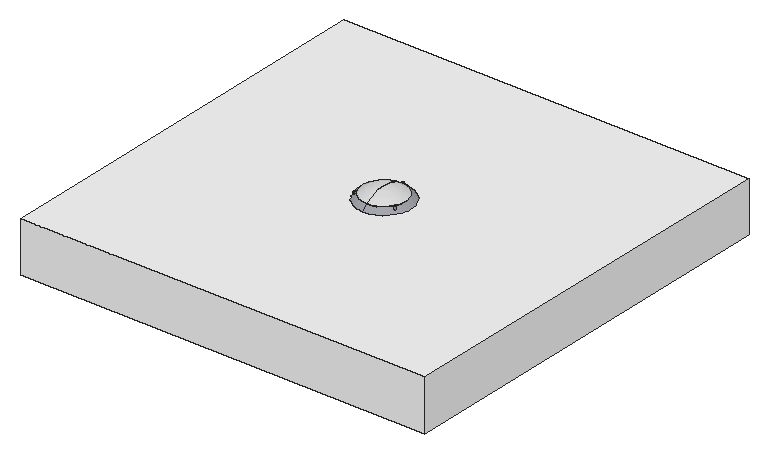
Revit family "Sarlam_Eclairage_Hublot_Chartres_Infini_T1_Anti_Vandale_Diam_322mm_2000Lm", category Luminaires, Revit 2020
Family settings
  Hôte = Face
  Cote de connecteur circulaire = Utiliser le diamètre
  Type d'élément = Normal
  Couper avec des vides une fois chargée = Non
  Source d'éclairage = Oui
  Partagée = Non
  Point de calcul de pièce = Non
Parameters (values of type "Détection+Horloge GRIS METAL")
  Zone plafond formes 1à7 [instance] = and(not(Diamètre externe = 328 mm), or([Antivandale Formes 2-4-7]), not([Afficher la zone de détection-pose murale]), [Afficher la zone de détection-pose plafond])  # no
  Zone murale formes 1à7 [instance] = and(not(Diamètre externe = 328 mm), or([Antivandale Formes 2-4-7]), [Afficher la zone de détection-pose murale], not([Afficher la zone de détection-pose plafond]))  # no
  Zone de détection = "Détection à 2,5m haut Plafond: Ø6m maxi Mur: Ellipse 16*17m"
  URL = "http://www.legrandoc.com/SL532081"
  Type de variation = "Autre"
  Type de tension = "CA"
  Tension nominale (Un) V MIN = 207
  Tension nominale (Un) V MAX = 253
  built-in parameter 1150107 = 3200 (stored number, unit not read)
  Température de couleur K MIN = 4000
  Température de couleur K MAX = 4000
  Source lumineuse = "Led non interchangeable"
  Répartition lumineuse = "Symétrique"
  Puissance du système W = 28
  Puissance de la source lumineuse W = ""
  Puissance de la lampe en Multiwatt = "21/39W"
  Wattage = 9.2903 W
  built-in parameter 1150110 = 1 (stored number, unit not read)
  built-in parameter 1150109 = 1 (stored number, unit not read)
  built-in parameter 1114218 = 1 (stored number, unit not read)
  built-in parameter 1150113 = 1 (stored number, unit not read)
  built-in parameter 1150112 = 1 (stored number, unit not read)
  built-in parameter 1150137 = (empty or 0)
  built-in parameter 1150132 = (empty or 0)
  Modèle = "SL-532081"
  Longueur d'encastrement = 0 mm
  Longueur = 322 mm
  Largeur d'encastrement = 322 mm
  Largeur = 322 mm
  built-in parameter 1150105 = 109.82 (stored number, unit not read)
  built-in parameter 1150102 = (empty or 0)
  Hauteur/profondeur d'encastrement = 0 mm
  Hauteur/profondeur = 70 mm
  Dimming Lamp Color Temperature Shift = (empty or 0)
  Lumens = 1380 lm
  Color Filter = 16777215
  Fichier de distribution photométrique = "SL532018.ies"
  built-in parameter 1114217 = 1 (stored number, unit not read)
  built-in parameter 1150139 = (empty or 0)
  Fabricant = "LEGRAND"
  Emettre à partir du diamètre du cercle = 250 mm
  Emettre la visibilité des formes dans le rendu = no
  built-in parameter 1150104 = 13.8 (stored number, unit not read)
  built-in parameter 1150106 = 1.0982 (stored number, unit not read)
  built-in parameter 1150115 = 1 (stored number, unit not read)
  built-in parameter 1150114 = 1 (stored number, unit not read)
  Diamètre externe = 322 mm
  Diamètre d'encastrement = 0 mm
  Description = "CHARTRES INFINI 2000LM 4000K  AV DETECTION HF + HORLOGE GRIS METAL"
  built-in parameter 1150138 = (empty or 0)
  built-in parameter 1150134 = 3
  Condition Générale d'Utilisation = "https://export.legrand.com/CGU-objets-BIM"
  Angle de l'inclinaison = 0.00°
  Afficher la zone de détection-pose plafond [instance] = no
  Afficher la zone de détection-pose murale [instance] = no
  Matériau du boîtier/corps = Plastique
  Indice de rendu des couleurs CRI = "80-89"
  Indice de protection contre les chocs (IK) = "IK10"
  Indice de protection (IP) = "IP55"
  Flux lumineux utile lm = 2000
  Default Elevation = 2500 mm
  Douille = "Sans"
  Courant nominal mA MIN = 110
  Courant nominal mA MAX = 135
  Couleur du boîtier/corps = LEGRAND - Gris métal
  Classe de protection = "II"
  Avec détecteur de mouvement = yes
  Avec détecteur crépusculaire = yes
  Appareillage = "Appareil à LED commandé en courant"
  Antivandale Formes 2-4-7 = yes
  Angle du faisceau = "Faisceau libre"
  Afficher l'étiquette de zone [instance] = no
  Adapté à une suspension = no
  Adapté à un montage encastré = no
  Adapté à un montage en saillie = yes
  Adapté à un montage en applique = yes
  Adapté à un montage au plafond = yes
  built-in parameter 1150133 = 10 (stored number, unit not read)
Types (14, lengths in mm): name | Zone de détection | URL | Type de variation | Puissance du système W | Modèle | Description | Indice de protection contre les chocs (IK) | Indice de protection (IP) | Courant nominal mA MIN | Courant nominal mA MAX | Couleur du boîtier/corps | Avec détecteur de mouvement | Avec détecteur crépusculaire
  ON/OFF BLANC | "" | "http://www.legrandoc.com/SL532024" | "Non régulable" | 27 | "SL-532024" | "CHARTRES INFINI 2000LM 4000K AV ON/OFF BLANC" | "IK10" | "IP55" | 106 | 131 | LEGRAND - Blanc | no | no
  ON/OFF ANTHRACITE | "" | "http://www.legrandoc.com/SL532025" | "Non régulable" | 27 | "SL-532025" | "CHARTRES INFINI 2000LM 4000K AV ON/OFF ANTHRACITE" | "IK10" | "IP55" | 106 | 131 | LEGRAND - Anthracite | no | no
  ON/OFF GRIS METAL | "" | "http://www.legrandoc.com/SL532026" | "Non régulable" | 27 | "SL-532026" | "CHARTRES INFINI 2000LM 4000K AV ON/OFF GRIS METAL" | "IK10" | "IP55" | 106 | 131 | LEGRAND - Gris métal | no | no
  Détection BLANC | "Détection à 2,5m haut Plafond: Ø6m maxi Mur: Ellipse 16*17m" | "http://www.legrandoc.com/SL532064" | "Autre" | 28 | "SL-532064" | "CHARTRES INFINI 2000LM 4000K  AV DETECTION HF BLANC" | "IK10" | "IP55" | 110 | 135 | LEGRAND - Blanc | yes | yes
  Détection ANTHRACITE | "Détection à 2,5m haut Plafond: Ø6m maxi Mur: Ellipse 16*17m" | "http://www.legrandoc.com/SL532065" | "Autre" | 28 | "SL-532065" | "CHARTRES INFINI 2000LM 4000K  AV DETECTION HF ANTHRACITE" | "IK10" | "IP55" | 110 | 135 | LEGRAND - Anthracite | yes | yes
  Détection GRIS METAL | "Détection à 2,5m haut Plafond: Ø6m maxi Mur: Ellipse 16*17m" | "http://www.legrandoc.com/SL532066" | "Autre" | 28 | "SL-532066" | "CHARTRES INFINI 2000LM 4000K  AV DETECTION HF GRIS METAL" | "IK10" | "IP55" | 110 | 135 | LEGRAND - Gris métal | yes | yes
  Détection+Horloge BLANC | "Détection à 2,5m haut Plafond: Ø6m maxi Mur: Ellipse 16*17m" | "http://www.legrandoc.com/SL532079" | "Autre" | 28 | "SL-532079" | "CHARTRES INFINI 2000LM 4000K  AV DETECTION HF + HORLOGE BLANC" | "IK10" | "IP55" | 110 | 135 | LEGRAND - Blanc | yes | yes
  Détection+Horloge ANTHRACITE | "Détection à 2,5m haut Plafond: Ø6m maxi Mur: Ellipse 16*17m" | "http://www.legrandoc.com/SL532080" | "Autre" | 28 | "SL-532080" | "CHARTRES INFINI 2000LM 4000K  AV DETECTION HF + HORLOGE ANTHRACITE" | "IK10" | "IP55" | 110 | 135 | LEGRAND - Anthracite | yes | yes
  Détection+Horloge GRIS METAL | "Détection à 2,5m haut Plafond: Ø6m maxi Mur: Ellipse 16*17m" | "http://www.legrandoc.com/SL532081" | "Autre" | 28 | "SL-532081" | "CHARTRES INFINI 2000LM 4000K  AV DETECTION HF + HORLOGE GRIS METAL" | "IK10" | "IP55" | 110 | 135 | LEGRAND - Gris métal | yes | yes
  Double niveau/Minuterie BLANC | "" | "http://www.legrandoc.com/SL532090" | "Autre" | 28 | "SL-532090" | "CHARTRES INFINI 2000LM 4000K AV DOUBLE NIVEAU/MINUTERIE BLANC" | "IK10" | "IP55" | 110 | 135 | LEGRAND - Blanc | no | no
  Double niveau/Minuterie ANTHRACITE | "" | "http://www.legrandoc.com/SL532091" | "Autre" | 28 | "SL-532091" | "CHARTRES INFINI 2000LM 4000K  AV DOUBLE NIVEAU/MINUTERIE ANTHRACITE" | "IK10" | "IP55" | 110 | 135 | LEGRAND - Anthracite | no | no
  Double niveau/Minuterie GRIS METAL | "" | "http://www.legrandoc.com/SL532092" | "Autre" | 28 | "SL-532092" | "CHARTRES INFINI 2000LM 4000K  AV DOUBLE NIVEAU/MINUTERIE GRIS METAL" | "IK10" | "IP55" | 110 | 135 | LEGRAND - Gris métal | no | no
  Renforcé-ON/OFF | "" | "http://www.legrandoc.com/SL532096" | "Non régulable" | 27 | "SL-532096" | "CHARTRES INFINI 2000LM 4000K SOLIROC ON/OFF BLANC" | ">IK10" | "IP66" | 110 | 135 | LEGRAND - Blanc | no | no
  Renforcé-Détection | "Détection à 2,5m haut Plafond: Ø6m maxi Mur: Ellipse 16*17m" | "http://www.legrandoc.com/SL532097" | "Autre" | 28 | "SL-532097" | "CHARTRES INFINI 2000LM 4000K  SOLIROC DETECTION HF BLANC" | ">IK10" | "IP66" | 110 | 135 | LEGRAND - Blanc | yes | yes
Reference planes
  plane 1 "Centre (avant/arrière)": y = 0
  plane 2: z = 0
  plane 3 "Centre (gauche/droite)": x = 0
  plane 4: z = 90
Forms (mm)
  Extrusion 1, solid, material "Blanc"
    sketch origin (0, 0, 0) x (1, 0, 0) y (0, 1, 0)
      loop
        line (-1219.2, 1219.2) -> (-1219.2, -1219.2) -> (1219.2, -1219.2) -> (1219.2, 1219.2) -> (-1219.2, 1219.2)
    from 0 to -304.8
Lines and regions (mm)
  model lines, style "LightingFixtures", not visible
    curve 1: line (0, 0, 0) -> (0, 0, 2230)
    curve 2: line (0, 0, 0) -> (0, 3300, 0)
    curve 3: line (0, 0, 0) -> (-2620, 0, 0)
Dimensions and locks
  level to plane 4 = 90 mm
  aligned and locked: plane 2 to Extrusion 1
  aligned and locked: level to Extrusion 1
  aligned and locked: imposter light to plane 4
  aligned and locked: plane 3 "Centre (gauche/droite)" to imposter light
Nested families
  nested 1: "Zone de détection murale Chartres-Astreo" at (0, 0, 0) x (0, 0, 1) z (0, -1, 0), visible <- "Afficher la zone de détection-pose murale", type "Zone de détection murale"
  nested 2: "Formes 1-2-3-4-6-7-8-9" at (0, 0, 0), type "Formes"
    with Fl 70 mm, Dimension hublot 129.3 mm, Diamètre total 322 mm, Courbure 220.2 mm, Antivandale Formes 2-4-7 yes
  nested 3: "Zone de détection plafond Chartres-Astreo" at (0, 0, 2500), visible <- "Afficher la zone de détection-pose plafond", type "Zone de détection plafond"
    with Zone plafond Formes 8à9 no
  nested 4: "Zone de détection murale Chartres-Astreo" at (0, 0, 0) x (0, 0, 1) z (1, 0, 0), visible <- "Afficher la zone de détection-pose murale", type "Zone de détection murale"
  nested 5: "Etiquette de zone" at (0, 220.945, 0) x (-1, 0, 0) z (0, 0, 1), visible <- "Afficher l'étiquette de zone", type "Etiquette de zone"
Connectors
  electrical at (0, 0, 0)
    settings: on nested 2, index 1, voltage 230 V, apparent load 0 VA, apparent load phase1 0 VA, apparent load phase2 0 VA, apparent load phase3 0 VA, power factor 1, load classification "Eclairage", number of poles 1, system type 30, power factor state 1, is connector primary yes, connector utility no, sub classification motor no, connector description ""
Definition of nested family "Formes 1-2-3-4-6-7-8-9"
  Parameters (values of type "Formes")
    Standard Forme 8 = no
    Standard Formes 1-3-6 = no
    Matériau hublot = none
    Matériau corps = none
    Fl = if(Diamètre total < 325 mm, 70 mm, if(Diamètre total = 328 mm, 107 mm, 90 mm))  # 107 mm
    Default Elevation = 0 mm
    Dimension hublot = if(Diamètre total = 300 mm, 121.1 mm, if(Diamètre total = 322 mm, 129.3 mm, if(Diamètre total = 328 mm, 148.6 mm, if(Diamètre total = 420 mm, 179.2 mm, 185.3 mm))))  # 148.6 mm
    Diamètre total = 328 mm
    Courbure = if(Diamètre total = 300 mm, 195.7 mm, if(Diamètre total = 322 mm, 220.2 mm, if(Diamètre total = 328 mm, 179.2 mm, if(Diamètre total = 420 mm, 290 mm, 307.8 mm))))  # 179.2 mm
    Couleur corps = none
    Antivandale Forme 9 = no
    Antivandale Formes 2-4-7 = no
  Reference planes
    plane 1 "Centre (avant/arrière)": y = 0
    plane 2: z = 0
    plane 3 "Centre (gauche/droite)": x = 0
    plane 4: y = 164
    plane 5: y = -164
    plane 6: y = 148.6
  Forms (mm)
    Revolve 1, solid, material <- "Matériau hublot"
      sketch origin (0, 0, 0) x (0, 0, -1) y (0, 1, 0)
        loop
          arc (-28, 148.6) -> (-86.03, 84.151) -> (-107, 0) r 179.2
          line (-107, 0) -> (-28, 0) -> (-28, 148.6)
        axis (-28, 0) -> (-107, 0)
      angle from 0 to 360
  Dimensions and locks
    equal spacing: plane 4, plane 1 "Centre (avant/arrière)", plane 5
    "Diamètre total": plane 4 to plane 5
    equal spacing: plane 5, plane 1 "Centre (avant/arrière)", plane 4
    "Dimension hublot": plane 1 "Centre (avant/arrière)" to plane 6
    "Fl": Revolve 1 sketch curve to plane 2
    "Courbure": radius of Revolve 1 sketch curve
    aligned and locked: level to plane 2
    aligned and locked: plane 6 to Revolve 1 sketch curve
    aligned and locked: plane 2 to nested 2
  Automatic sketch dimensions
    Revolve 1 sketch curve to plane 1 "Centre (avant/arrière)" = 0 mm  (x2)
    level to Revolve 1 sketch curve = 28 mm
    Revolve 1 sketch curve to Revolve 1 sketch curve = 1811.469 mm
    Revolve 1 sketch curve to Revolve 1 sketch curve = 1147.22 mm
  Nested families
    nested 1: "Corps standard Formes 1-3-6" at (0, 0, 0), visible <- "Standard Formes 1-3-6", type "Corps standard Formes 1-3-6"
      with Diamètre 328 mm
    nested 2: "Corps antivandale Formes 2-4-7" at (0, 0, 0), visible <- "Antivandale Formes 2-4-7", type "Corps antivandale Formes 2-4-7"
      with Diamètre 328 mm
    nested 3: "Corps standard Forme 8" at (0, 0, 0), visible <- "Standard Forme 8", type "Corps standard Forme 8"
    nested 4: "Corps antivandale Forme 9" at (0, 0, 0), visible <- "Antivandale Forme 9", type "Corps antivandale Forme 9"
  Definition of nested family "Corps standard Formes 1-3-6"
    Parameters (values of type "Corps standard")
      Matériau corps = none
      Default Elevation = 0 mm
      Couleur corps = none
      Diamètre = 322 mm
      Courbure = if(Diamètre < 400 mm, 195.7 mm, 290 mm)  # 195.7 mm
    Reference planes
      plane 1 "Centre (avant/arrière)": y = 0
      plane 2: z = 0
      plane 3 "Centre (gauche/droite)": x = 0
      plane 4: y = 161
      plane 5: y = -161
      plane 6: z = 28
    Forms (mm)
      Revolve 1, solid, material <- "Couleur corps"
        sketch origin (0, 0, 0) x (0, 0, -1) y (0, 1, 0)
          loop
            line (0, 0) -> (0, 161)
            arc (0, 161) -> (-14.55, 149.906) -> (-28, 137.502) r 195.7
            line (-28, 137.502) -> (-28, 0) -> (0, 0)
          axis (0, 0) -> (-28, 0)
        angle from 0 to 360
    Dimensions and locks
      equal spacing: plane 4, plane 1 "Centre (avant/arrière)", plane 5
      "Diamètre": plane 4 to plane 5
      equal spacing: plane 5, plane 1 "Centre (avant/arrière)", plane 4
      "Courbure": radius of Revolve 1 sketch curve
      aligned and locked: level to plane 2
      aligned and locked: plane 2 to Revolve 1  (x2)
      aligned and locked: Revolve 1 to plane 2
      aligned and locked: plane 6 to Revolve 1
    Automatic sketch dimensions
      Revolve 1 sketch curve to plane 1 "Centre (avant/arrière)" = 0 mm  (x3)
      Revolve 1 sketch curve to plane 6 = 0 mm
      Revolve 1 sketch curve to level = 0 mm
      Revolve 1 sketch curve to plane 4 = 0 mm
      plane 6 to Revolve 1 sketch curve = 1833.51 mm
      Revolve 1 sketch curve to Revolve 1 sketch curve = 1167.217 mm
  Definition of nested family "Corps antivandale Formes 2-4-7"
    Parameters (values of type "Corps antivandale")
      Rayon réseau vis = if(Diamètre < 400 mm, 137.2 mm, 193.2 mm)  # 137.2 mm
      Matériau corps = none
      Default Elevation = 0 mm
      Diamètre = 322 mm
      Courbure = if(Diamètre < 400 mm, 220.2 mm, 307.8 mm)  # 220.2 mm
      Couleur corps = none
    Reference planes
      plane 1 "Centre (avant/arrière)": y = 0
      plane 2: z = 0
      plane 3 "Centre (gauche/droite)": x = 0
      plane 4: y = 161
      plane 5: y = -161
      plane 6: z = 28
      plane 7: through (0, 0, 1200) normal (0.5, 0.866, 0)
      plane 8: through (0, 0, 1200) normal (0.5, -0.866, 0)
    Forms (mm)
      Revolve 1, solid, material <- "Couleur corps"
        sketch origin (0, 0, 0) x (0, 0, -1) y (0, 1, 0)
          loop
            line (0, 0) -> (0, 161)
            arc (0, 161) -> (-14.762, 145.835) -> (-28, 129.323) r 220.2
            line (-28, 129.323) -> (-28, 0) -> (0, 0)
          axis (0, 0) -> (-28, 0)
        angle from 0 to 360
      Extrusion 2, solid, material <- "Couleur corps"
        sketch origin (0, -0.04, 0) x (1, 0, 0) y (0, 1, 0)
          loop
            line (-4, 129.32) -> (-4, 137.3)
            arc (-4, 137.3) -> (0, 141.3) -> (4, 137.3) r 4
            line (4, 137.3) -> (4, 129.32)
            arc (4, 129.32) -> (5, 129.285) -> (6, 129.243) r 129.323
            line (6, 129.243) -> (6, 137.3)
            arc (6, 137.3) -> (0, 143.3) -> (-6, 137.3) r 6
            line (-6, 137.3) -> (-6, 129.243)
            arc (-6, 129.243) -> (-5, 129.285) -> (-4, 129.32) r 129.323
        from 15.189 to 28
      Extrusion 3, solid, material <- "Couleur corps"
        sketch origin (-0.035, 0.02, 0) x (-0.5, -0.866025, 0) y (0.866025, -0.5, 0)
          loop
            line (-4, 129.32) -> (-4, 137.3)
            arc (-4, 137.3) -> (0, 141.3) -> (4, 137.3) r 4
            line (4, 137.3) -> (4, 129.32)
            arc (4, 129.32) -> (5, 129.285) -> (6, 129.243) r 129.323
            line (6, 129.243) -> (6, 137.3)
            arc (6, 137.3) -> (0, 143.3) -> (-6, 137.3) r 6
            line (-6, 137.3) -> (-6, 129.243)
            arc (-6, 129.243) -> (-5, 129.285) -> (-4, 129.32) r 129.323
        from 15.189 to 28
      Extrusion 4, solid, material <- "Couleur corps"
        sketch origin (0.035, 0.02, 0) x (-0.5, 0.866025, 0) y (-0.866025, -0.5, 0)
          loop
            line (-4, 129.32) -> (-4, 137.3)
            arc (-4, 137.3) -> (0, 141.3) -> (4, 137.3) r 4
            line (4, 137.3) -> (4, 129.32)
            arc (4, 129.32) -> (5, 129.285) -> (6, 129.243) r 129.323
            line (6, 129.243) -> (6, 137.3)
            arc (6, 137.3) -> (0, 143.3) -> (-6, 137.3) r 6
            line (-6, 137.3) -> (-6, 129.243)
            arc (-6, 129.243) -> (-5, 129.285) -> (-4, 129.32) r 129.323
        from 15.189 to 28
      Revolve 5, solid
        sketch origin (0, 0.018, -12.656) x (0, 1, 0) y (0, 0, 1)
          loop
            line (136.525, 38.942) -> (136.525, 29.094) -> (136.962, 29.907) -> (137.751, 35.518) -> (140.148, 38.942) -> (136.525, 38.942)
          axis (136.525, 29.094) -> (136.525, 38.942)
        angle from 0 to 360
      Revolve 6, solid
        sketch origin (0.016, -0.009, -12.656) x (0.866025, -0.5, 0) y (0, 0, 1)
          loop
            line (136.525, 38.942) -> (136.525, 29.094) -> (136.962, 29.907) -> (137.751, 35.518) -> (140.148, 38.942) -> (136.525, 38.942)
          axis (136.525, 29.094) -> (136.525, 38.942)
        angle from 0 to 360
      Revolve 7, solid
        sketch origin (-0.016, -0.009, -12.656) x (-0.866025, -0.5, 0) y (0, 0, 1)
          loop
            line (136.525, 38.942) -> (136.525, 29.094) -> (136.962, 29.907) -> (137.751, 35.518) -> (140.148, 38.942) -> (136.525, 38.942)
          axis (136.525, 29.094) -> (136.525, 38.942)
        angle from 0 to 360
    Cuts and joins
      joined: Revolve 1, Extrusion 2
    Lines and regions (mm)
      model lines
        curve 1: line (-2.5, 136.543, 26.285) -> (2.5, 136.543, 26.285)
        curve 2: line (0, 138.995, 26.285) -> (0, 133.995, 26.285)
        curve 3: line (119.5, -66.107, 26.285) -> (117, -70.437, 26.285)
        curve 4: line (120.373, -69.497, 26.285) -> (116.043, -66.997, 26.285)
        curve 5: line (-117, -70.437, 26.285) -> (-119.5, -66.107, 26.285)
        curve 6: line (-120.373, -69.497, 26.285) -> (-116.043, -66.997, 26.285)
    Dimensions and locks
      equal spacing: plane 4, plane 1 "Centre (avant/arrière)", plane 5
      "Diamètre": plane 4 to plane 5
      equal spacing: plane 5, plane 1 "Centre (avant/arrière)", plane 4
      "Courbure": radius of Revolve 1 sketch curve
      "Rayon réseau vis": radius of radial array
      aligned and locked: level to plane 2
      aligned and locked: plane 2 to Revolve 1  (x2)
      aligned and locked: Revolve 1 to plane 2
      aligned and locked: plane 6 to Revolve 1
    Automatic sketch dimensions
      Extrusion 2 sketch curve to Extrusion 2 sketch curve = 0 mm  (x9)
      Extrusion 2 sketch curve to Extrusion 2 sketch curve = 7.98 mm
      Extrusion 2 sketch curve to Extrusion 2 sketch curve = 0.077 mm
      Extrusion 2 sketch curve to Extrusion 2 sketch curve = 2 mm
      Extrusion 2 sketch curve to Extrusion 2 sketch curve = 4 mm
      Extrusion 2 sketch curve to Extrusion 2 sketch curve = 6 mm
      Extrusion 3 sketch curve to Extrusion 3 sketch curve = 0 mm  (x9)
      Extrusion 3 sketch curve to Extrusion 3 sketch curve = 7.98 mm
      Extrusion 3 sketch curve to Extrusion 3 sketch curve = 0.077 mm
      Extrusion 3 sketch curve to Extrusion 3 sketch curve = 2 mm
      Extrusion 3 sketch curve to Extrusion 3 sketch curve = 4 mm
      Extrusion 3 sketch curve to Extrusion 3 sketch curve = 6 mm
      Extrusion 4 sketch curve to Extrusion 4 sketch curve = 0 mm  (x9)
      Extrusion 4 sketch curve to Extrusion 4 sketch curve = 7.98 mm
      Extrusion 4 sketch curve to Extrusion 4 sketch curve = 0.077 mm
      Extrusion 4 sketch curve to Extrusion 4 sketch curve = 2 mm
      Extrusion 4 sketch curve to Extrusion 4 sketch curve = 4 mm
      Extrusion 4 sketch curve to Extrusion 4 sketch curve = 6 mm
      Revolve 7 sketch curve to Revolve 7 sketch curve = 0.437 mm  (x2)
      Revolve 7 sketch curve to Revolve 7 sketch curve = 1.226 mm  (x2)
      Revolve 7 sketch curve to Revolve 7 sketch curve = 2.397 mm
      Revolve 7 sketch curve to Revolve 7 sketch curve = 0.813 mm  (x2)
      Revolve 7 sketch curve to Revolve 7 sketch curve = 5.611 mm  (x2)
      Revolve 7 sketch curve to Revolve 7 sketch curve = 3.424 mm  (x2)
      Revolve 7 sketch curve to Revolve 7 sketch curve = 0 mm  (x2)
      Revolve 7 sketch curve to Revolve 7 sketch curve = 0.975 mm
      Revolve 7 sketch curve to Revolve 7 sketch curve = 3.281 mm  (x2)
      Revolve 5 sketch curve to Revolve 5 sketch curve = 0.437 mm  (x2)
      Revolve 5 sketch curve to Revolve 5 sketch curve = 1.226 mm  (x2)
      Revolve 5 sketch curve to Revolve 5 sketch curve = 3.623 mm
      Revolve 5 sketch curve to Revolve 5 sketch curve = 5.611 mm  (x2)
      Revolve 5 sketch curve to Revolve 5 sketch curve = 3.424 mm  (x2)
      Revolve 5 sketch curve to Revolve 5 sketch curve = 0 mm  (x2)
      Revolve 5 sketch curve to Revolve 5 sketch curve = 0.813 mm  (x2)
      Revolve 5 sketch curve to Revolve 5 sketch curve = 0.162 mm
      Revolve 5 sketch curve to Revolve 5 sketch curve = 3.281 mm  (x2)
      Revolve 6 sketch curve to Revolve 6 sketch curve = 0.437 mm  (x2)
      Revolve 6 sketch curve to Revolve 6 sketch curve = 1.226 mm  (x2)
      Revolve 6 sketch curve to Revolve 6 sketch curve = 3.623 mm
      Revolve 6 sketch curve to Revolve 6 sketch curve = 5.611 mm  (x2)
      Revolve 6 sketch curve to Revolve 6 sketch curve = 3.424 mm  (x2)
      Revolve 6 sketch curve to Revolve 6 sketch curve = 0 mm  (x2)
      Revolve 6 sketch curve to Revolve 6 sketch curve = 0.813 mm  (x2)
      Revolve 6 sketch curve to Revolve 6 sketch curve = 0.162 mm
      Revolve 6 sketch curve to Revolve 6 sketch curve = 3.281 mm  (x2)
      Revolve 7 sketch curve to Revolve 7 sketch curve = 3.623 mm
      Revolve 7 sketch curve to Revolve 7 sketch curve = 0.162 mm
      curve 2 to Revolve 5 = 0 mm
      curve 2 to curve 1 = 2.548 mm
      curve 1 to curve 2 = 2.452 mm
      Revolve 5 to curve 1 = 2.5 mm
      curve 1 to Revolve 5 = 2.5 mm
      curve 4 to Revolve 6 = 0 mm
      curve 4 to curve 3 = 2.548 mm
      curve 3 to curve 4 = 2.452 mm
      Revolve 6 to curve 3 = 2.5 mm
      curve 3 to Revolve 6 = 2.5 mm
      curve 6 to Revolve 7 = 0 mm
      curve 6 to curve 5 = 2.548 mm
      curve 5 to curve 6 = 2.452 mm
      Revolve 7 to curve 5 = 2.5 mm
      curve 5 to Revolve 7 = 2.5 mm
      Revolve 5 sketch curve to Revolve 5 sketch curve = 2.397 mm
      Revolve 5 sketch curve to Revolve 5 sketch curve = 0.975 mm
      Revolve 6 sketch curve to Revolve 6 sketch curve = 2.397 mm
      Revolve 6 sketch curve to Revolve 6 sketch curve = 0.975 mm
      Revolve 1 sketch curve to plane 1 "Centre (avant/arrière)" = 0 mm  (x3)
      Revolve 1 sketch curve to plane 6 = 0 mm
      Revolve 1 sketch curve to level = 0 mm
      Revolve 1 sketch curve to plane 4 = 0 mm
      plane 6 to Revolve 1 sketch curve = 1833.51 mm
      Revolve 1 sketch curve to Revolve 1 sketch curve = 1128.321 mm
  Definition of nested family "Corps standard Forme 8"
    Parameters (values of type "Corps standard Forme 8")
      Matériau corps = none
      Default Elevation = 0 mm
      Couleur corps = none
      Diamètre = 328 mm
    Reference planes
      plane 1 "Centre (avant/arrière)": y = 0
      plane 2: z = 0
      plane 3 "Centre (gauche/droite)": x = 0
      plane 4: y = 164
      plane 5: y = -164
      plane 6: z = 28
      plane 7: y = 7.5
      plane 8: y = -7.5
    Forms (mm)
      Revolve 1, solid, material <- "Couleur corps"
        sketch origin (0, 0, 0) x (0, 0, -1) y (0, 1, 0)
          loop
            line (0, 0) -> (0, 164)
            arc (0, 164) -> (-14.345, 156.905) -> (-28, 148.559) r 179.182
            line (-28, 148.559) -> (-28, 0) -> (0, 0)
          axis (0, 0) -> (-28, 0)
        angle from 0 to 360
      Sweep 2, void
        path origin (0, 0, 0) x (1, 0, 0) y (0, 1, 0)
          loop
            arc (153.049, 7.5) -> (0, 153.232) -> (-153.049, 7.5) r 153.232
        profile origin (0, 153.232, 0) x (0, -1, 0) y (0, 0, 1)
          loop
            line (-5.469, 6.213) -> (-10.469, 16.465) -> (-10.469, 6.213) -> (-5.469, 6.213)
      Sweep 3, void
        path origin (0, 0, 0) x (1, 0, 0) y (0, 1, 0)
          loop
            arc (153.049, 7.5) -> (0, 153.232) -> (-153.049, 7.5) r 153.232
        profile origin (0, 153.232, 0) x (0, -1, 0) y (0, 0, 1)
          loop
            line (-1.643, 13.471) -> (-6.643, 23.723) -> (-6.643, 13.471) -> (-1.643, 13.471)
      Sweep 4, void
        path origin (0, 0, 0) x (1, 0, 0) y (0, -1, 0)
          loop
            arc (153.049, 7.5) -> (0, 153.232) -> (-153.049, 7.5) r 153.232
        profile origin (0, -153.232, 0) x (0, -1, 0) y (0, 0, 1)
          loop
            line (1.643, 13.471) -> (6.643, 13.471) -> (6.643, 23.723) -> (1.643, 13.471)
      Sweep 5, void
        path origin (0, 0, 0) x (1, 0, 0) y (0, -1, 0)
          loop
            arc (153.049, 7.5) -> (0, 153.232) -> (-153.049, 7.5) r 153.232
        profile origin (0, -153.232, 0) x (0, -1, 0) y (0, 0, 1)
          loop
            line (5.469, 6.213) -> (10.469, 6.213) -> (10.469, 16.465) -> (5.469, 6.213)
    Cuts and joins
      Sweep 2, Sweep 3, Sweep 4, Sweep 5 cuts Revolve 1
    Dimensions and locks
      equal spacing: plane 4, plane 1 "Centre (avant/arrière)", plane 5
      "Diamètre": plane 4 to plane 5
      equal spacing: plane 5, plane 1 "Centre (avant/arrière)", plane 4
      aligned and locked: level to plane 2
      aligned and locked: plane 2 to Revolve 1  (x2)
      aligned and locked: Revolve 1 to plane 2
      aligned and locked: plane 6 to Revolve 1
    Automatic sketch dimensions
      Sweep 2 sketch curve to plane 7 = 0 mm  (x2)
      plane 1 "Centre (avant/arrière)" to Sweep 2 sketch curve = 0 mm
      Sweep 2 sketch curve to plane 3 "Centre (gauche/droite)" = 0 mm
      Sweep 2 sketch curve to plane 3 "Centre (gauche/droite)" = 153.049 mm
      Sweep 3 sketch curve to plane 7 = 0 mm  (x2)
      plane 1 "Centre (avant/arrière)" to Sweep 3 sketch curve = 0 mm
      Sweep 3 sketch curve to plane 3 "Centre (gauche/droite)" = 0 mm
      Sweep 3 sketch curve to plane 3 "Centre (gauche/droite)" = 153.049 mm
      Sweep 4 sketch curve to plane 8 = 0 mm  (x2)
      plane 1 "Centre (avant/arrière)" to Sweep 4 sketch curve = 0 mm
      Sweep 4 sketch curve to plane 3 "Centre (gauche/droite)" = 0 mm
      plane 3 "Centre (gauche/droite)" to Sweep 4 sketch curve = 153.049 mm
      Sweep 5 sketch curve to plane 8 = 0 mm  (x2)
      plane 1 "Centre (avant/arrière)" to Sweep 5 sketch curve = 0 mm
      Sweep 5 sketch curve to plane 3 "Centre (gauche/droite)" = 0 mm
      plane 3 "Centre (gauche/droite)" to Sweep 5 sketch curve = 153.049 mm
      Revolve 1 sketch curve to plane 1 "Centre (avant/arrière)" = 0 mm  (x3)
      Revolve 1 sketch curve to plane 6 = 0 mm
      Revolve 1 sketch curve to level = 0 mm
      Revolve 1 sketch curve to plane 4 = 0 mm
      Revolve 1 sketch curve to Revolve 1 sketch curve = 72.182 mm
      plane 6 to Revolve 1 sketch curve = 1833.51 mm
      Revolve 1 sketch curve to Revolve 1 sketch curve = 1201.817 mm
      profile plane to Sweep 2 sketch curve = 10.469 mm
      Sweep 2 sketch curve to Sweep 2 sketch curve = 5 mm
      level to Sweep 2 sketch curve = 6.213 mm
      Sweep 2 sketch curve to Sweep 2 sketch curve = 10.252 mm
      profile plane to Sweep 3 sketch curve = 6.643 mm
      profile plane to Sweep 3 sketch curve = 1.643 mm
      level to Sweep 3 sketch curve = 13.471 mm
      Sweep 3 sketch curve to Sweep 3 sketch curve = 10.252 mm
      Sweep 4 sketch curve to profile plane = 1.643 mm
      Sweep 4 sketch curve to profile plane = 6.643 mm
      level to Sweep 4 sketch curve = 13.471 mm
      Sweep 4 sketch curve to Sweep 4 sketch curve = 10.252 mm
      Sweep 5 sketch curve to profile plane = 5.469 mm
      Sweep 5 sketch curve to profile plane = 10.469 mm
      level to Sweep 5 sketch curve = 6.213 mm
      Sweep 5 sketch curve to Sweep 5 sketch curve = 10.252 mm
  Definition of nested family "Corps antivandale Forme 9"
    Parameters (values of type "Corps antivandale Forme 9")
      Matériau corps = none
      Default Elevation = 0 mm
      Couleur corps = none
      Diamètre = 328 mm
    Reference planes
      plane 1 "Centre (avant/arrière)": y = 0
      plane 2: z = 0
      plane 3 "Centre (gauche/droite)": x = 0
      plane 4: y = 164
      plane 5: y = -164
      plane 6: z = 28
      plane 7: y = 7.5
      plane 8: y = -7.5
    Forms (mm)
      Revolve 1, solid, material <- "Couleur corps"
        sketch origin (0, 0, 0) x (0, 0, -1) y (0, 1, 0)
          loop
            line (0, 0) -> (0, 164)
            arc (0, 164) -> (-14.345, 156.905) -> (-28, 148.559) r 179.182
            line (-28, 148.559) -> (-28, 0) -> (0, 0)
          axis (0, 0) -> (-28, 0)
        angle from 0 to 360
      Extrusion 2, void
        sketch origin (-1.406, 0, 0) x (1, 0, 0) y (0, 1, 0)
          loop
            circle (157.486, 0) r 5
        from 5.665 to 28
      Sweep 3, void
        path origin (0, 0, 0) x (1, 0, 0) y (0, 1, 0)
          loop
            arc (153.049, 7.5) -> (0, 153.232) -> (-153.049, 7.5) r 153.232
        profile origin (0, 153.232, 0) x (0, -1, 0) y (0, 0, 1)
          loop
            line (-5.469, 6.213) -> (-10.469, 16.465) -> (-10.469, 6.213) -> (-5.469, 6.213)
      Extrusion 4, void
        sketch origin (1.406, 0, 0) x (-1, 0, 0) y (0, -1, 0)
          loop
            circle (157.486, 0) r 5
        from 5.665 to 28
      Sweep 5, void
        path origin (0, 0, 0) x (1, 0, 0) y (0, 1, 0)
          loop
            arc (153.049, 7.5) -> (0, 153.232) -> (-153.049, 7.5) r 153.232
        profile origin (0, 153.232, 0) x (0, -1, 0) y (0, 0, 1)
          loop
            line (-1.643, 13.471) -> (-6.643, 23.723) -> (-6.643, 13.471) -> (-1.643, 13.471)
      Sweep 6, void
        path origin (0, 0, 0) x (1, 0, 0) y (0, -1, 0)
          loop
            arc (153.049, 7.5) -> (0, 153.232) -> (-153.049, 7.5) r 153.232
        profile origin (0, -153.232, 0) x (0, -1, 0) y (0, 0, 1)
          loop
            line (1.643, 13.471) -> (6.643, 13.471) -> (6.643, 23.723) -> (1.643, 13.471)
      Sweep 7, void
        path origin (0, 0, 0) x (1, 0, 0) y (0, -1, 0)
          loop
            arc (153.049, 7.5) -> (0, 153.232) -> (-153.049, 7.5) r 153.232
        profile origin (0, -153.232, 0) x (0, -1, 0) y (0, 0, 1)
          loop
            line (5.469, 6.213) -> (10.469, 6.213) -> (10.469, 16.465) -> (5.469, 6.213)
      Revolve 8, solid
        sketch origin (-156.149, -136.533, -30.469) x (0, 1, 0) y (0, 0, 1)
          loop
            line (136.525, 38.942) -> (136.525, 31.651) -> (137.319, 32.445) -> (137.923, 36.741) -> (139.106, 38.942) -> (136.525, 38.942)
          axis (136.525, 31.651) -> (136.525, 38.942)
        angle from 0 to 360
      Revolve 9, solid
        sketch origin (156.149, -136.533, -30.469) x (0, 1, 0) y (0, 0, -1)
          loop
            line (136.525, -38.942) -> (139.106, -38.942) -> (137.923, -36.741) -> (137.319, -32.445) -> (136.525, -31.651) -> (136.525, -38.942)
          axis (136.525, -31.651) -> (136.525, -38.942)
        angle from 0 to 360
    Cuts and joins
      Extrusion 2, Sweep 3, Extrusion 4, Sweep 5, Sweep 6, Sweep 7 cuts Revolve 1
    Lines and regions (mm)
      model lines
        curve 1: line (-156.149, 1.39, 8.473) -> (-156.149, -1.406, 8.473)
        curve 2: line (-157.503, 0, 8.473) -> (-154.615, 0, 8.473)
        curve 3: line (156.149, 1.39, 8.473) -> (156.149, -1.406, 8.473)
        curve 4: line (157.503, 0, 8.473) -> (154.615, 0, 8.473)
    Dimensions and locks
      equal spacing: plane 4, plane 1 "Centre (avant/arrière)", plane 5
      "Diamètre": plane 4 to plane 5
      equal spacing: plane 5, plane 1 "Centre (avant/arrière)", plane 4
      aligned and locked: level to plane 2
      aligned and locked: plane 2 to Revolve 1  (x2)
      aligned and locked: Revolve 1 to plane 2
      aligned and locked: plane 6 to Revolve 1
    Automatic sketch dimensions
      plane 1 "Centre (avant/arrière)" to Extrusion 2 sketch curve = 0 mm
      plane 3 "Centre (gauche/droite)" to Extrusion 2 sketch curve = 156.08 mm
      Sweep 3 sketch curve to plane 7 = 0 mm  (x2)
      plane 1 "Centre (avant/arrière)" to Sweep 3 sketch curve = 0 mm
      Sweep 3 sketch curve to plane 3 "Centre (gauche/droite)" = 0 mm
      Sweep 3 sketch curve to plane 3 "Centre (gauche/droite)" = 153.049 mm
      plane 1 "Centre (avant/arrière)" to Extrusion 4 sketch curve = 0 mm
      plane 3 "Centre (gauche/droite)" to Extrusion 4 sketch curve = 156.08 mm
      Sweep 5 sketch curve to plane 7 = 0 mm  (x2)
      plane 1 "Centre (avant/arrière)" to Sweep 5 sketch curve = 0 mm
      Sweep 5 sketch curve to plane 3 "Centre (gauche/droite)" = 0 mm
      Sweep 5 sketch curve to plane 3 "Centre (gauche/droite)" = 153.049 mm
      Sweep 6 sketch curve to plane 8 = 0 mm  (x2)
      plane 1 "Centre (avant/arrière)" to Sweep 6 sketch curve = 0 mm
      Sweep 6 sketch curve to plane 3 "Centre (gauche/droite)" = 0 mm
      plane 3 "Centre (gauche/droite)" to Sweep 6 sketch curve = 153.049 mm
      Sweep 7 sketch curve to plane 8 = 0 mm  (x2)
      plane 1 "Centre (avant/arrière)" to Sweep 7 sketch curve = 0 mm
      Sweep 7 sketch curve to plane 3 "Centre (gauche/droite)" = 0 mm
      plane 3 "Centre (gauche/droite)" to Sweep 7 sketch curve = 153.049 mm
      Revolve 1 sketch curve to plane 1 "Centre (avant/arrière)" = 0 mm  (x3)
      Revolve 1 sketch curve to plane 6 = 0 mm
      Revolve 1 sketch curve to level = 0 mm
      Revolve 1 sketch curve to plane 4 = 0 mm
      Revolve 1 sketch curve to Revolve 1 sketch curve = 72.182 mm
      plane 6 to Revolve 1 sketch curve = 1833.51 mm
      Revolve 1 sketch curve to Revolve 1 sketch curve = 1201.817 mm
      profile plane to Sweep 3 sketch curve = 10.469 mm
      Sweep 3 sketch curve to Sweep 3 sketch curve = 5 mm
      level to Sweep 3 sketch curve = 6.213 mm
      Sweep 3 sketch curve to Sweep 3 sketch curve = 10.252 mm
      profile plane to Sweep 5 sketch curve = 6.643 mm
      profile plane to Sweep 5 sketch curve = 1.643 mm
      level to Sweep 5 sketch curve = 13.471 mm
      Sweep 5 sketch curve to Sweep 5 sketch curve = 10.252 mm
      Sweep 6 sketch curve to profile plane = 1.643 mm
      Sweep 6 sketch curve to profile plane = 6.643 mm
      level to Sweep 6 sketch curve = 13.471 mm
      Sweep 6 sketch curve to Sweep 6 sketch curve = 10.252 mm
      Sweep 7 sketch curve to profile plane = 5.469 mm
      Sweep 7 sketch curve to profile plane = 10.469 mm
      level to Sweep 7 sketch curve = 6.213 mm
      Sweep 7 sketch curve to Sweep 7 sketch curve = 10.252 mm
      plane 1 "Centre (avant/arrière)" to Revolve 8 sketch curve = 0.008 mm  (x2)
      Revolve 8 sketch curve to plane 1 "Centre (avant/arrière)" = 0.786 mm
      Revolve 8 sketch curve to plane 1 "Centre (avant/arrière)" = 1.39 mm
      Revolve 8 sketch curve to Revolve 8 sketch curve = 1.183 mm
      level to Revolve 8 sketch curve = 1.183 mm
      Revolve 8 sketch curve to Revolve 8 sketch curve = 0.794 mm
      Revolve 8 sketch curve to Revolve 8 sketch curve = 4.296 mm
      Revolve 8 sketch curve to Revolve 8 sketch curve = 2.201 mm
      Revolve 8 sketch curve to level = 0.4 mm
      Revolve 8 sketch curve to Revolve 8 sketch curve = 3.281 mm
      plane 1 "Centre (avant/arrière)" to Revolve 9 sketch curve = 0.008 mm  (x2)
      Revolve 9 sketch curve to plane 1 "Centre (avant/arrière)" = 0.786 mm
      Revolve 9 sketch curve to plane 1 "Centre (avant/arrière)" = 1.39 mm
      Revolve 9 sketch curve to Revolve 9 sketch curve = 1.183 mm
      level to Revolve 9 sketch curve = 8.473 mm
      Revolve 9 sketch curve to Revolve 9 sketch curve = 2.201 mm
      level to Revolve 9 sketch curve = 1.977 mm
      Revolve 9 sketch curve to Revolve 9 sketch curve = 0.794 mm
      Revolve 9 sketch curve to Revolve 9 sketch curve = 3.281 mm
      Revolve 9 sketch curve to level = 0.4 mm
      curve 1 to Revolve 8 = 0 mm
      curve 1 to curve 3 = 0 mm
      curve 1 to curve 2 = 1.406 mm
      curve 3 to curve 4 = 1.406 mm
      curve 4 to curve 3 = 1.39 mm
      curve 2 to curve 1 = 1.39 mm
      Revolve 8 to curve 2 = 1.534 mm
      curve 4 to curve 2 = 309.23 mm
      curve 3 to curve 4 = 1.534 mm
      curve 4 to curve 3 = 1.354 mm
      curve 2 to Revolve 8 = 1.354 mm
      radius of Extrusion 2 sketch curve = 5 mm
      radius of Extrusion 4 sketch curve = 5 mm
Definition of nested family "Zone de détection murale Chartres-Astreo"
  Parameters (values of type "Zone de détection murale")
    Zone murale Formes 8à9 = no
    Zone murale Formes 1à7 = no
  Reference planes
    plane 1 "Centre (avant/arrière)": y = 0
    plane 2: z = 0
    plane 3 "Centre (gauche/droite)": x = 0
    plane 4: x = 3500
    plane 5: y = 1000
    plane 6: x = 10000
    plane 7: y = 3500
    plane 8: x = 13000
    plane 9: y = 4000
    plane 10: x = 17000
    plane 11: y = 8000
    plane 12: x = 6000
    plane 13: x = 8000
  Lines and regions (mm)
    detail lines, in view "Niveau de réf.", visible <- "Zone murale Formes 1à7"
      curve 1: spline (0, 0, 0) -> (59.63, 258.819, 0) -> (234.456, 500, 0) -> (512.563, 707.107, 0) -> (875, 866.025, 0) -> (1297.067, 965.926, 0) -> (1750, 1000, 0) -> (2202.933, 965.926, 0) -> (2625, 866.025, 0) -> (2987.437, 707.107, 0) -> (3265.544, 500, 0) -> (3440.37, 258.819, 0) -> (3500, 0, 0) -> (3440.37, -258.819, 0) -> (3265.544, -500, 0) -> (2987.437, -707.107, 0) -> (2625, -866.025, 0) -> (2202.933, -965.926, 0) -> (1750, -1000, 0) -> (1297.067, -965.926, 0) -> (875, -866.025, 0) -> (512.563, -707.107, 0) -> (234.456, -500, 0) -> (59.63, -258.819, 0) -> (0, 0, 0)
      curve 2: spline (0, 0, 0) -> (170.371, 905.867, 0) -> (669.873, 1750, 0) -> (1464.466, 2474.874, 0) -> (2500, 3031.089, 0) -> (3705.905, 3380.74, 0) -> (5000, 3500, 0) -> (6294.095, 3380.74, 0) -> (7500, 3031.089, 0) -> (8535.534, 2474.874, 0) -> (9330.127, 1750, 0) -> (9829.629, 905.867, 0) -> (10000, 0, 0) -> (9829.629, -905.867, 0) -> (9330.127, -1750, 0) -> (8535.534, -2474.874, 0) -> (7500, -3031.089, 0) -> (6294.095, -3380.74, 0) -> (5000, -3500, 0) -> (3705.905, -3380.74, 0) -> (2500, -3031.089, 0) -> (1464.466, -2474.874, 0) -> (669.873, -1750, 0) -> (170.371, -905.867, 0) -> (0, 0, 0)
      curve 3: spline (0, 0, 0) -> (221.482, 1035.276, 0) -> (870.835, 2000, 0) -> (1903.806, 2828.427, 0) -> (3250, 3464.102, 0) -> (4817.676, 3863.703, 0) -> (6500, 4000, 0) -> (8182.324, 3863.703, 0) -> (9750, 3464.102, 0) -> (11096.194, 2828.427, 0) -> (12129.165, 2000, 0) -> (12778.518, 1035.276, 0) -> (13000, 0, 0) -> (12778.518, -1035.276, 0) -> (12129.165, -2000, 0) -> (11096.194, -2828.427, 0) -> (9750, -3464.102, 0) -> (8182.324, -3863.703, 0) -> (6500, -4000, 0) -> (4817.676, -3863.703, 0) -> (3250, -3464.102, 0) -> (1903.806, -2828.427, 0) -> (870.835, -2000, 0) -> (221.482, -1035.276, 0) -> (0, 0, 0)
      curve 4: spline (0, 0, 0) -> (289.63, 2070.552, 0) -> (1138.784, 4000, 0) -> (2489.592, 5656.854, 0) -> (4250, 6928.203, 0) -> (6300.038, 7727.407, 0) -> (8500, 8000, 0) -> (10699.962, 7727.407, 0) -> (12750, 6928.203, 0) -> (14510.408, 5656.854, 0) -> (15861.216, 4000, 0) -> (16710.37, 2070.552, 0) -> (17000, 0, 0) -> (16710.37, -2070.552, 0) -> (15861.216, -4000, 0) -> (14510.408, -5656.854, 0) -> (12750, -6928.203, 0) -> (10699.962, -7727.407, 0) -> (8500, -8000, 0) -> (6300.038, -7727.407, 0) -> (4250, -6928.203, 0) -> (2489.592, -5656.854, 0) -> (1138.784, -4000, 0) -> (289.63, -2070.552, 0) -> (0, 0, 0)
    detail lines, in view "Niveau de réf.", visible <- "Zone murale Formes 8à9"
      curve 5: spline (0, 0, 0) -> (102.223, 258.819, 0) -> (401.924, 500, 0) -> (878.68, 707.107, 0) -> (1500, 866.025, 0) -> (2223.543, 965.926, 0) -> (3000, 1000, 0) -> (3776.457, 965.926, 0) -> (4500, 866.025, 0) -> (5121.32, 707.107, 0) -> (5598.076, 500, 0) -> (5897.777, 258.819, 0) -> (6000, 0, 0) -> (5897.777, -258.819, 0) -> (5598.076, -500, 0) -> (5121.32, -707.107, 0) -> (4500, -866.025, 0) -> (3776.457, -965.926, 0) -> (3000, -1000, 0) -> (2223.543, -965.926, 0) -> (1500, -866.025, 0) -> (878.68, -707.107, 0) -> (401.924, -500, 0) -> (102.223, -258.819, 0) -> (0, 0, 0)
      curve 6: spline (0, 0, 0) -> (136.297, 647.048, 0) -> (535.898, 1250, 0) -> (1171.573, 1767.767, 0) -> (2000, 2165.064, 0) -> (2964.724, 2414.815, 0) -> (4000, 2500, 0) -> (5035.276, 2414.815, 0) -> (6000, 2165.064, 0) -> (6828.427, 1767.767, 0) -> (7464.102, 1250, 0) -> (7863.703, 647.048, 0) -> (8000, 0, 0) -> (7863.703, -647.048, 0) -> (7464.102, -1250, 0) -> (6828.427, -1767.767, 0) -> (6000, -2165.064, 0) -> (5035.276, -2414.815, 0) -> (4000, -2500, 0) -> (2964.724, -2414.815, 0) -> (2000, -2165.064, 0) -> (1171.573, -1767.767, 0) -> (535.898, -1250, 0) -> (136.297, -647.048, 0) -> (0, 0, 0)
      curve 7: spline (0, 0, 0) -> (170.371, 1035.276, 0) -> (669.873, 2000, 0) -> (1464.466, 2828.427, 0) -> (2500, 3464.102, 0) -> (3705.905, 3863.703, 0) -> (5000, 4000, 0) -> (6294.095, 3863.703, 0) -> (7500, 3464.102, 0) -> (8535.534, 2828.427, 0) -> (9330.127, 2000, 0) -> (9829.629, 1035.276, 0) -> (10000, 0, 0) -> (9829.629, -1035.276, 0) -> (9330.127, -2000, 0) -> (8535.534, -2828.427, 0) -> (7500, -3464.102, 0) -> (6294.095, -3863.703, 0) -> (5000, -4000, 0) -> (3705.905, -3863.703, 0) -> (2500, -3464.102, 0) -> (1464.466, -2828.427, 0) -> (669.873, -2000, 0) -> (170.371, -1035.276, 0) -> (0, 0, 0)
  Dimensions and locks
    plane 3 "Centre (gauche/droite)" to plane 4 = 3500 mm
    plane 1 "Centre (avant/arrière)" to plane 5 = 1000 mm
    plane 3 "Centre (gauche/droite)" to plane 6 = 10000 mm
    plane 7 to plane 1 "Centre (avant/arrière)" = 3500 mm
    plane 3 "Centre (gauche/droite)" to plane 8 = 13000 mm
    plane 1 "Centre (avant/arrière)" to plane 9 = 4000 mm
    plane 3 "Centre (gauche/droite)" to plane 10 = 17000 mm
    plane 1 "Centre (avant/arrière)" to plane 11 = 8000 mm
    plane 3 "Centre (gauche/droite)" to plane 12 = 6000 mm
    plane 3 "Centre (gauche/droite)" to plane 13 = 8000 mm
Definition of nested family "Zone de détection plafond Chartres-Astreo"
  Parameters (values of type "Zone de détection plafond")
    Zone plafond Formes 8à9 = yes
    Zone plafond Formes 1à7 = no
  Reference planes
    plane 1 "Centre (avant/arrière)": y = 0
    plane 2: z = 0
    plane 3 "Centre (gauche/droite)": x = 0
  Lines and regions (mm)
    detail lines, in view "Niveau de réf.", visible <- "Zone plafond Formes 1à7"
      curve 1: circle (0, 0, 0) r 500 normal (0, 0, 1)
      curve 2: circle (0, 0, 0) r 1000 normal (0, 0, 1)
      curve 3: circle (0, 0, 0) r 2000 normal (0, 0, 1)
      curve 4: circle (0, 0, 0) r 3000 normal (0, 0, 1)
    detail lines, in view "Niveau de réf.", visible <- "Zone plafond Formes 8à9"
      curve 5: circle (0, 0, 0) r 1500 normal (0, 0, 1)
      curve 6: circle (0, 0, 0) r 4000 normal (0, 0, 1)
      curve 7: circle (0, 0, 0) r 6000 normal (0, 0, 1)
Definition of nested family "Etiquette de zone"
  Parameters (values of type "Etiquette de zone")
    Etiquette de zone = ""
  Reference planes
    plane 1: y = 0
    plane 2: x = 0
  Text (mm)
    label "Etiquette de zone" at (0.013, -4.46, 0), shows "Etiquette de zone"
